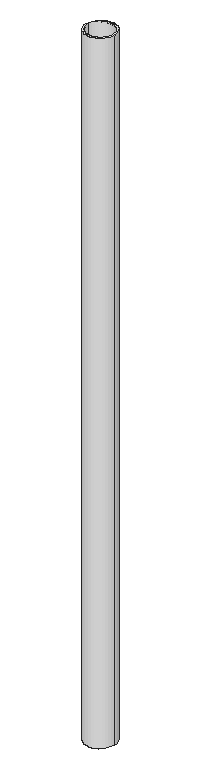
Revit family "Pipe-Column", category 구조 기둥, Revit 2026
Family settings
  단면 모양 = 정의되지 않음
  모델 동작 재료 = 스틸
  항상 형상으로 내보내기 = 아니오
  평면의 보 전환 = 형상에서
  로드될 때 보이드를 사용하여 절단 = 아니오
  기호 표현 = 프로젝트 설정에서
  공유 = 아니오
  평면도에서 미리 절단된 패밀리 표시 = 예
Parameters (values of type "PIPE102STD")
  Assembly Code = ""
  Structural Material [instance] = Metal - Steel - 345 MPa
  A = 0.00205 m²
  Gauge = "Standard"
  ID = 102 mm
  W = 0.158
  OD = 114 mm
  t = 6 mm
Types (2, lengths in mm): name | A | ID | W | OD | t
  PIPE102STD | 0.00205 m² | 102 | 0.158 | 114 | 6
  PIPE152STD | 0.0036 m² | 154 | 0.277 | 168 | 7.1
Reference planes
  plane 1 "Center (Front/Back)": y = 0
  plane 2: z = 0
  plane 3 "Center (Left/Right)": x = 0
  plane 4: x = -57
  plane 5: x = 57
  plane 6: y = 57
  plane 7: y = -57
  plane 8: x = -51
  plane 9: x = 51
Forms (mm)
  Extrusion 1, solid, material "Metal - Steel - 345 MPa" <- "Structural Material", detail levels medium+fine
    sketch origin (0, 0, 0) x (1, 0, 0) y (0, 1, 0)
      loop
        circle (0, 0) r 57
      loop
        circle (0, 0) r 51
    from 0 to 2500
Lines and regions (mm)
  symbolic lines, style "StructuralColumnStickSymbols", detail levels coarse
    curve 1: arc (-57, 0, 0) -> (0, -57, 0) -> (57, 0, 0) r 57
    curve 2: arc (57, 0, 0) -> (0, 57, 0) -> (-57, 0, 0) r 57
Dimensions and locks
  equal spacing: plane 4, plane 3 "Center (Left/Right)", plane 5
  equal spacing: plane 7, plane 1 "Center (Front/Back)", plane 6
  "OD": plane 7 to plane 6
  "OD": plane 4 to plane 5
  "t": plane 4 to plane 8
  "t": plane 9 to plane 5
  aligned and locked: level to Extrusion 1
  aligned and locked: level to plane 2
  aligned and locked: Extrusion 1 to plane 2
  aligned and locked: curve 1 to Extrusion 1
Automatic sketch dimensions
  Extrusion 1 sketch curve to plane 1 "Center (Front/Back)" = 0 mm  (x2)
  Extrusion 1 sketch curve to plane 4 = 0 mm
  Extrusion 1 sketch curve to plane 8 = 0 mm
  Extrusion 1 sketch curve to plane 3 "Center (Left/Right)" = 0 mm  (x2)
